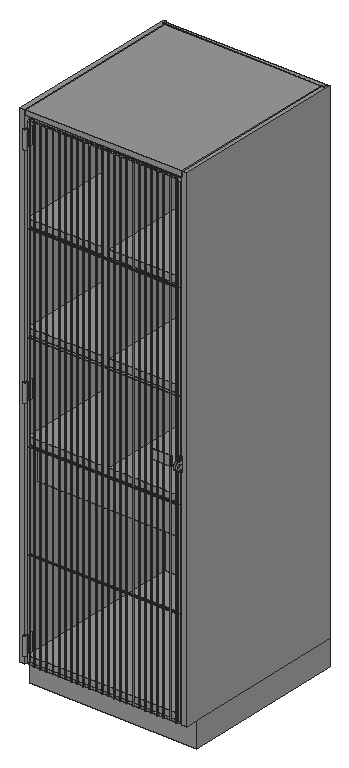
Revit family "TMI_M3016-Music_Wire Grille Doors1", category Casework, Revit 2016
Family settings
  OmniClass Number = 23.40.35.14.11
  OmniClass Title = Modular Casework
  Work Plane-Based = No
  Always vertical = Yes
  Cut with Voids When Loaded = No
  Shared = No
  Room Calculation Point = No
Parameters (values of type "27" x 84-1/2" x 29"")
  URL = "www.tmisystems.com"
  Toe Kick Height = 4"
  Toe Kick Depth = 2"
  Shelf Thickness = 1 1/8"
  Model = "M3016/M5016"
  Manufacturer = "TMI Systems Corporation"
  Interior Finish = none
  Individual Wire Grille Doors [instance] = not(Full Height Wire Grille Door)  # no
  Full Height Wire Grille Door [instance] = yes
  Filler Width (Hinge) [instance] = 3"
  Filler (Pull Side) [instance] = no
  Filler (Hinge Side) [instance] = no
  Filler Width (Pull) [instance] = 3"
  Description = "Alto Saxophone, Cornet, Trumpet *Top*, Alto Horn, French Horn, Share Drum *Bottom*"
  Depth = 29"
  Height = 84 1/2"
  Width = 27"
  Casework Thickness = 3/4"
  Casework Back Thickness = 1/2"
  Cabinet Finish = Plastic Laminate
  Assembly Code = ""
Reference planes (in)
  plane 1 "Back": y = 15
  plane 2: z = 0
  plane 3 "Center (Left/Right)": x = 0.7377
  plane 4 "Left": x = -12.7623
  plane 5 "Right": x = 14.2377
  plane 6 "Front": y = -14
  plane 7 "Top": z = 84.5
  plane 8: y = 14.375
  plane 9: x = -12.0123
  plane 10: x = 13.4877
  plane 11: z = 83.75
  plane 12: y = 14.875
  plane 13: y = -12
  plane 14: z = 4
  plane 15: z = 5.125
  plane 16: y = -13.61906
  plane 17: z = 68.625
  plane 18: z = 52.75
  plane 19: y = -11.25
  plane 20: y = -13.25
  plane 21: x = 0.3627
  plane 22: x = 1.1127
  plane 23: x = 0.7377
  plane 24: z = 36.875
  plane 25: z = 21
  plane 26: y = -13.49461
  plane 27: z = 83.25
  plane 28: x = 13.8627
  plane 29: x = -12.3873
  plane 30: z = 29.5
  plane 31: y = -13.60344
  plane 32: y = -11.625
  plane 33: y = -10.875
Forms (in)
  Extrusion 1, solid, material "Plastic Laminate" <- "Cabinet Finish"
    sketch origin (0, 0.21844, 0) x (1, 0, 0) y (0, 1, 0)
      loop
        line (-12.7623, 14.78156) -> (-12.7623, -14.21844) -> (-12.0123, -14.21844) -> (-12.0123, 14.15656) -> (-12.38677, 14.15656) -> (-12.38677, 14.78156) -> (-12.7623, 14.78156)
      loop
        line (13.86077, 14.78156) -> (13.86077, 14.15656) -> (13.4877, 14.15656) -> (13.4877, -14.21844) -> (14.2377, -14.21844) -> (14.2377, 14.78156) -> (13.86077, 14.78156)
    from 4 to 84.5
  Extrusion 2, solid, material "Plastic Laminate" <- "Cabinet Finish"
    sketch origin (0.84915, 11.94613, -1.44731) x (1, 0, 0) y (0, 0, 1)
      loop
        line (-12.86145, 6.57231) -> (-12.86145, 5.44731) -> (12.63855, 5.44731) -> (12.63855, 6.57231) -> (-12.86145, 6.57231)
    from -2.42887 to 25.54956
  Extrusion 3, solid, material "Plastic Laminate" <- "Cabinet Finish"
    sketch origin (0, 0, 0) x (1, 0, 0) y (0, 1, 0)
      loop
        line (-12.38677, 14.875) -> (-12.38677, 14.375) -> (13.86077, 14.375) -> (13.86077, 14.875) -> (-12.38677, 14.875)
    from 84.5 to 4
  Extrusion 4, solid, material "Plastic Laminate" <- "Cabinet Finish", visible <- "Filler (Pull Side)"
    sketch origin (0, -14, 0) x (1, 0, 0) y (0, 0, 1)
      loop
        line (14.2377, 84.5) -> (14.2377, 4) -> (17.2377, 4) -> (17.2377, 84.5) -> (14.2377, 84.5)
    from -0.75 to 0
  Extrusion 5, solid, material "Plastic Laminate" <- "Cabinet Finish", visible <- "Filler (Hinge Side)"
    sketch origin (0, -14, 0) x (1, 0, 0) y (0, 0, 1)
      loop
        line (-15.7623, 84.5) -> (-15.7623, 4) -> (-12.7623, 4) -> (-12.7623, 84.5) -> (-15.7623, 84.5)
    from -0.75 to 0
  Extrusion 6, solid, material "Wood"
    sketch origin (0, 0, 0) x (1, 0, 0) y (0, 0, 1)
      loop
        line (14.2377, 4) -> (-12.7623, 4) -> (-12.7623, 0) -> (14.2377, 0) -> (14.2377, 4)
    from -15 to 12
  Extrusion 7, solid, material "Wood", visible <- "Filler (Pull Side)"
    sketch origin (0, 0, 0) x (1, 0, 0) y (0, 0, 1)
      loop
        line (17.2377, 4) -> (14.2377, 4) -> (14.2377, 0) -> (17.2377, 0) -> (17.2377, 4)
    from 11.25 to 12
  Extrusion 8, solid, material "Wood", visible <- "Filler (Hinge Side)"
    sketch origin (0, 0, 0) x (1, 0, 0) y (0, 0, 1)
      loop
        line (-12.7623, 4) -> (-15.7623, 4) -> (-15.7623, 0) -> (-12.7623, 0) -> (-12.7623, 4)
    from 11.25 to 12
  Extrusion 9, solid, material "Plastic Laminate" <- "Cabinet Finish", visible <- "Full Height Wire Grille Door"
    sketch origin (-6, -14, 0) x (1, 0, 0) y (0, 0, 1)
      loop
        line (6.3627, 83.75) -> (6.3627, 35.75) -> (7.1127, 35.75) -> (7.1127, 83.75) -> (6.3627, 83.75)
    from -28.375 to -0.38094
  Extrusion 10, solid, material "Plastic Laminate" <- "Cabinet Finish"
    sketch origin (0, -14, 0) x (1, 0, 0) y (0, 0, 1)
      loop
        line (-12.0123, 68.625) -> (-12.0123, 67.5) -> (13.4877, 67.5) -> (13.4877, 68.625) -> (-12.0123, 68.625)
      loop
        line (-12.0123, 52.75) -> (-12.0123, 51.625) -> (13.4877, 51.625) -> (13.4877, 52.75) -> (-12.0123, 52.75)
      loop
        line (-12.0123, 36.875) -> (-12.0123, 35.75) -> (13.4877, 35.75) -> (13.4877, 36.875) -> (-12.0123, 36.875)
    from -28.375 to -0.50539
  Extrusion 11, solid, material "Plastic Laminate" <- "Cabinet Finish"
    sketch origin (0, 15, 0) x (1, 0, 0) y (0, 0, 1)
      loop
        line (-12.0123, 84.5) -> (-12.0123, 83.75) -> (13.4877, 83.75) -> (13.4877, 84.5) -> (-12.0123, 84.5)
    from 0.625 to 29
  Extrusion 12, solid, material "Plastic Laminate" <- "Cabinet Finish", visible <- "Individual Wire Grille Doors"
    sketch origin (34, -14, 0) x (1, 0, 0) y (0, 0, 1)
      loop
        line (-33.6373, 83.75) -> (-33.6373, 35.75) -> (-32.8873, 35.75) -> (-32.8873, 83.75) -> (-33.6373, 83.75)
    from -28.375 to 0
  Extrusion 13, solid, material "Plastic Laminate" <- "Cabinet Finish"
    sketch origin (0, 0, 0) x (1, 0, 0) y (0, 1, 0)
      loop
        line (13.4877, -10.875) -> (-12.0123, -10.875) -> (-12.0123, -11.625) -> (13.4877, -11.625) -> (13.4877, -10.875)
    from 29.5 to 35.75
Lines and regions (in)
  Masking region 1
    outline origin (44.5, 0, 0) x (1, 0, 0) y (0, 1, 0)
      loop
        line (-57.2623, 15) -> (-57.2623, -14) -> (-30.2623, -14) -> (-30.2623, 15) -> (-57.2623, 15)
  Masking region 2, visible <- "Filler (Hinge Side)"
    outline origin (0, 0, 0) x (1, 0, 0) y (0, 1, 0)
      loop
        line (-15.7623, -13.25) -> (-15.7623, -14) -> (-12.7623, -14) -> (-12.7623, -13.25) -> (-15.7623, -13.25)
  Masking region 3, visible <- "Filler (Pull Side)"
    outline origin (0, 0, 0) x (1, 0, 0) y (0, 1, 0)
      loop
        line (14.2377, -13.25) -> (14.2377, -14) -> (17.2377, -14) -> (17.2377, -13.25) -> (14.2377, -13.25)
  symbolic lines, style "CaseworkHiddenLines"
    curve 1: line (-0.4498, -14, 0) -> (-0.5748, -14, 0)
    curve 2: line (4.1752, -14, 0) -> (4.0502, -14, 0)
    curve 3: line (6.3002, -14, 0) -> (6.4252, -14, 0)
Dimensions and locks (in)
  "Width": plane 4 "Left" to plane 5 "Right"
  equal spacing: plane 4 "Left", plane 3 "Center (Left/Right)", plane 5 "Right"
  "Casework Thickness": plane 4 "Left" to plane 9
  "Casework Thickness": plane 10 to plane 5 "Right"
  "Casework Thickness": plane 7 "Top" to plane 11
  "Filler Width (Pull)": plane 5 "Right" to Extrusion 4
  "Filler Width (Hinge)": Extrusion 5 to plane 4 "Left"
  "Depth": plane 6 "Front" to plane 1 "Back"
  locked: plane 12 to plane 1 "Back" at 0.125
  "Toe Kick Depth": plane 13 to plane 6 "Front"
  "Toe Kick Height": plane 14 to level
  "Height": plane 7 "Top" to level
  locked: plane 6 "Front" to plane 16 at 0.38094
  locked: plane 6 "Front" to plane 20 at 0.75
  locked: plane 19 to plane 13 at 0.75
  equal spacing: plane 22, plane 23, plane 21
  "Casework Thickness": plane 22 to plane 21
  plane 16 to plane 26 = 0.12445"
  locked: plane 11 to plane 27 at 0.5
  "Shelf Thickness": plane 15 to plane 14
  equal spacing: plane 7 "Top", plane 17, plane 18, plane 24, plane 25, plane 15
  equal spacing: plane 29, plane 23, plane 28
  equal spacing: plane 4 "Left", plane 29, plane 9
  equal spacing: plane 10, plane 28, plane 5 "Right"
  "Casework Back Thickness": plane 12 to plane 8
  "Shelf Thickness": plane 17 to Extrusion 10
  "Shelf Thickness": plane 18 to Extrusion 10
  "Shelf Thickness": plane 24 to Extrusion 10
  Extrusion 13 sketch curve to plane 26 = 2.61961"
  locked: Extrusion 13 to plane 30 at 6.25
  locked: plane 16 to plane 31 at 0.01562
  locked: plane 6 "Front" to plane 32 at 2.375
  locked: plane 32 to plane 33 at 0.75
  aligned and locked: plane 2 to level
  aligned and locked: Extrusion 1 sketch curve to plane 4 "Left"
  aligned and locked: Extrusion 1 sketch curve to plane 9
  aligned and locked: Extrusion 1 sketch curve to plane 10
  aligned and locked: Extrusion 1 sketch curve to plane 5 "Right"
  aligned and locked: Extrusion 1 to plane 1 "Back"  (x2)
  aligned and locked: plane 8 to Extrusion 3 sketch curve
  aligned and locked: Extrusion 1 to plane 7 "Top"
  aligned and locked: plane 7 "Top" to Extrusion 4 sketch curve
  aligned and locked: Extrusion 4 sketch curve to plane 5 "Right"
  aligned and locked: plane 7 "Top" to Extrusion 5 sketch curve
  aligned and locked: Extrusion 7 to Extrusion 6
  aligned and locked: Extrusion 8 to Extrusion 6
  aligned and locked: plane 14 to Extrusion 8
  aligned and locked: plane 14 to Extrusion 6
  aligned and locked: plane 14 to Extrusion 7
  aligned and locked: Extrusion 4 to plane 14
  aligned and locked: Extrusion 5 to plane 14
  aligned and locked: Extrusion 1 to plane 14
  aligned and locked: Extrusion 2 to plane 14
  aligned and locked: plane 15 to Extrusion 2
  aligned and locked: Extrusion 6 to Extrusion 1
  aligned and locked: plane 1 "Back" to Masking region 1 sketch curve
  aligned and locked: Extrusion 8 to plane 13
  aligned and locked: plane 11 to Extrusion 9 sketch curve
  aligned and locked: plane 9 to Extrusion 10 sketch curve  (x3)
  aligned and locked: plane 10 to Extrusion 10 sketch curve
  aligned and locked: Extrusion 10 sketch curve to plane 10  (x2)
  aligned and locked: plane 8 to Extrusion 10
  aligned and locked: plane 4 "Left" to Masking region 2 sketch curve
  aligned and locked: Masking region 3 sketch curve to plane 5 "Right"
  aligned and locked: Extrusion 10 to plane 17  (x2)
  aligned and locked: plane 18 to Extrusion 10  (x2)
  aligned and locked: plane 6 "Front" to Extrusion 1  (x2)
  aligned and locked: plane 6 "Front" to Extrusion 4
  aligned and locked: plane 6 "Front" to Extrusion 5
  aligned and locked: Extrusion 7 to plane 19
  aligned and locked: Extrusion 4 to plane 20
  aligned and locked: Extrusion 5 to plane 20
  aligned and locked: plane 19 to Extrusion 8
  aligned and locked: Extrusion 8 to Extrusion 5
  aligned and locked: Masking region 2 to Extrusion 5
  aligned and locked: Masking region 2 to plane 20
  aligned and locked: Extrusion 4 to Extrusion 7
  aligned and locked: Masking region 3 to Extrusion 4
  aligned and locked: Masking region 3 to plane 20
  aligned and locked: Extrusion 10 to plane 24
  aligned and locked: Extrusion 2 to plane 9
  aligned and locked: Extrusion 10 to plane 26
  aligned and locked: Extrusion 2 to plane 10
  aligned and locked: Extrusion 11 sketch curve to plane 11
  aligned and locked: plane 9 to Extrusion 11 sketch curve
  aligned and locked: Extrusion 11 sketch curve to plane 10
  aligned and locked: plane 6 "Front" to Extrusion 11
  aligned and locked: plane 9 to Extrusion 1
  aligned and locked: plane 6 "Front" to Masking region 1
  aligned and locked: Extrusion 11 to plane 7 "Top"
  aligned and locked: plane 8 to Extrusion 11
  aligned and locked: Extrusion 3 to Extrusion 1  (x2)
  aligned and locked: plane 8 to Extrusion 2
  aligned and locked: Extrusion 3 to plane 14
  aligned and locked: plane 27 to nested 1
  aligned and locked: nested 1 to plane 6 "Front"
  aligned and locked: plane 9 to nested 1
  aligned and locked: Extrusion 3 to plane 7 "Top"
  aligned and locked: plane 6 "Front" to Extrusion 12
  aligned and locked: Extrusion 12 to plane 21
  aligned and locked: plane 8 to Extrusion 12
  aligned and locked: Extrusion 12 to plane 22
  aligned and locked: Extrusion 13 sketch curve to plane 9
  aligned and locked: Extrusion 13 sketch curve to plane 10
  aligned and locked: nested 2 to plane 6 "Front"
  aligned and locked: nested 2 to plane 14
  aligned and locked: plane 9 to nested 2
  aligned and locked: nested 3 to plane 6 "Front"
  aligned and locked: nested 5 to plane 6 "Front"
  aligned and locked: nested 8 to plane 6 "Front"
  aligned and locked: nested 7 to plane 6 "Front"
  aligned and locked: nested 4 to plane 6 "Front"
  aligned and locked: nested 6 to plane 6 "Front"
  aligned and locked: plane 8 to Extrusion 9
  aligned and locked: plane 27 to nested 7
  aligned and locked: plane 27 to nested 8
  aligned and locked: plane 9 to nested 3
  aligned and locked: plane 9 to nested 4
  aligned and locked: plane 9 to nested 7
  aligned and locked: nested 5 to plane 22
  aligned and locked: Extrusion 10 to nested 4
  aligned and locked: Extrusion 10 to nested 6
  aligned and locked: nested 6 to plane 22
  aligned and locked: nested 8 to plane 22
  aligned and locked: plane 31 to Extrusion 2
  aligned and locked: plane 33 to Extrusion 13
  aligned and locked: plane 32 to Extrusion 13
Automatic sketch dimensions
  curve 1 to level = 0"
  curve 2 to level = 0"
  curve 3 to level = 0"
  curve 1 to plane 21 = 15/16"
  curve 1 to curve 1 = 1/8"
  curve 2 to curve 2 = 1/8"
  curve 3 to curve 3 = 1/8"
  plane 1 "Back" to Extrusion 1 sketch curve = 0"  (x2)
  Extrusion 1 sketch curve to plane 8 = 0"  (x2)
  plane 6 "Front" to Extrusion 1 sketch curve = 0"  (x2)
  Extrusion 1 sketch curve to plane 29 = 0.00052"
  plane 28 to Extrusion 1 sketch curve = 0.00194"
  Extrusion 2 sketch curve to plane 9 = 0"
  plane 10 to Extrusion 2 sketch curve = 0"
  Extrusion 2 sketch curve to plane 14 = 0"
  Extrusion 2 sketch curve to plane 15 = 0"
  Extrusion 3 sketch curve to plane 12 = 0"
  Extrusion 3 sketch curve to plane 29 = 0.00052"
  plane 28 to Extrusion 3 sketch curve = 0.00194"
  Extrusion 4 sketch curve to plane 14 = 0"
  Extrusion 4 sketch curve to plane 5 "Right" = 3"
  Extrusion 5 sketch curve to plane 14 = 0"
  plane 4 "Left" to Extrusion 5 sketch curve = 0"
  Extrusion 5 sketch curve to Extrusion 5 sketch curve = 3"
  plane 4 "Left" to Extrusion 6 sketch curve = 0"
  Extrusion 6 sketch curve to level = 0"
  plane 5 "Right" to Extrusion 6 sketch curve = 0"
  Extrusion 6 sketch curve to plane 14 = 0"
  plane 5 "Right" to Extrusion 7 sketch curve = 0"
  Extrusion 7 sketch curve to level = 0"
  Extrusion 7 sketch curve to plane 14 = 0"
  Extrusion 7 sketch curve to plane 5 "Right" = 3"
  Extrusion 8 sketch curve to plane 14 = 0"
  Extrusion 8 sketch curve to level = 0"
  plane 4 "Left" to Extrusion 8 sketch curve = 0"
  Extrusion 8 sketch curve to Extrusion 8 sketch curve = 3"
  Masking region 1 sketch curve to plane 4 "Left" = 0"
  Masking region 1 sketch curve to plane 5 "Right" = 0"
  plane 6 "Front" to Masking region 1 sketch curve = 0"
  Extrusion 9 sketch curve to plane 21 = 0"
  plane 22 to Extrusion 9 sketch curve = 0"
  Extrusion 10 sketch curve to plane 24 = 0"
  Extrusion 10 sketch curve to plane 18 = 0"
  Extrusion 10 sketch curve to plane 17 = 0"
  plane 6 "Front" to Masking region 2 sketch curve = 0"
  plane 20 to Masking region 2 sketch curve = 0"
  plane 4 "Left" to Masking region 2 sketch curve = 3"
  plane 6 "Front" to Masking region 3 sketch curve = 0"
  plane 20 to Masking region 3 sketch curve = 0"
  Masking region 3 sketch curve to Masking region 3 sketch curve = 3"
  Extrusion 11 sketch curve to plane 7 "Top" = 0"
  plane 15 to Extrusion 12 sketch curve = 30 5/8"
  Extrusion 12 sketch curve to plane 11 = 0"
  plane 5 "Right" to Extrusion 12 sketch curve = 13 7/8"
  Extrusion 12 sketch curve to Extrusion 12 sketch curve = 3/4"
  Extrusion 10 sketch curve to Extrusion 10 sketch curve = 1 1/8"
  Extrusion 10 sketch curve to plane 18 = 1 1/8"
  plane 17 to Extrusion 10 sketch curve = 1 1/8"
  plane 3 "Center (Left/Right)" to curve 2 = 3 5/16"
  curve 2 to curve 3 = 2 1/8"
  plane 15 to Extrusion 9 sketch curve = 30 5/8"
  plane 26 to Extrusion 13 sketch curve = 1.86961"
Nested families (in)
  nested 1: "Full Height Wire Grille Door 27in Wide" at (0.73685, -13.76369, 4), visible <- "Full Height Wire Grille Door", type "Full Height Wire Grille Door 27in Wide"
    with Number of Verticle Bars 24, Bar Spacing 1"
  nested 2: "Individual Wire Grille Door 27in Wide (at bottom)" at (0.73685, -13.76369, 4), visible <- "Individual Wire Grille Doors", type "Individual Wire Grille Door 27in Wide (at bottom)"
    with Number of Verticle Bars 24, Bar Spacing 1"
  nested 3: "Individual Wire Grille Doors 27in Wide x2" at (-5.82565, -13.76369, 35.75), visible <- "Individual Wire Grille Doors", type "Individual Wire Grille Doors 27in Wide x2"
    with Number of Verticle Bars 11, Bar Spacing 1"
  nested 4: "Individual Wire Grille Doors 27in Wide x2" at (-5.82565, -13.76369, 51.625), visible <- "Individual Wire Grille Doors", type "Individual Wire Grille Doors 27in Wide x2"
    with Number of Verticle Bars 11, Bar Spacing 1"
  nested 5: "Individual Wire Grille Doors 27in Wide x2" at (7.29935, -13.76369, 35.75), visible <- "Individual Wire Grille Doors", type "Individual Wire Grille Doors 27in Wide x2"
    with Number of Verticle Bars 11, Bar Spacing 1"
  nested 6: "Individual Wire Grille Doors 27in Wide x2" at (7.29935, -13.76369, 51.625), visible <- "Individual Wire Grille Doors", type "Individual Wire Grille Doors 27in Wide x2"
    with Number of Verticle Bars 11, Bar Spacing 1"
  nested 7: "Individual Wire Grille Doors 27in Wide x2" at (-5.82565, -13.76369, 67.625), visible <- "Individual Wire Grille Doors", type "Individual Wire Grille Doors 27in Wide x2"
    with Number of Verticle Bars 11, Bar Spacing 1"
  nested 8: "Individual Wire Grille Doors 27in Wide x2" at (7.29935, -13.76369, 67.625), visible <- "Individual Wire Grille Doors", type "Individual Wire Grille Doors 27in Wide x2"
    with Number of Verticle Bars 11, Bar Spacing 1"
Definition of nested family "Full Height Wire Grille Door 27in Wide"
  Parameters (values of type "Full Height Wire Grille Door 27in Wide")
    Width = 24 1/2"
    Pull height from Bottom of Casework = 37 13/16"
    Number of Verticle Bars [instance] = (Width / Bar Spacing) - 1  # 24
    Height = 79 1/4"
    Distance of Hinge from Edge of Casework = 2 13/16"
    Bar Spacing [instance] = 1"
  Reference planes (in)
    plane 1 "Center (Front/Back)": y = 0
    plane 2: z = 0
    plane 3 "Center (Left/Right)": x = 0
    plane 4: x = -12.37415
    plane 5: x = -12.12585
    plane 6: z = 79.25
    plane 7: z = 79
    plane 8: z = 79.125
    plane 9: x = -12.25
    plane 10: x = 12.38138
    plane 11: x = 12.11862
    plane 12: x = 12.25
    plane 13: z = 0.25
    plane 14: z = 0.125
    plane 15: y = -0.125
    plane 16: z = 39.625
    plane 17: z = 47.525
    plane 18: z = 63.325
    plane 19: z = 31.725
    plane 20: z = 15.925
    plane 21: y = -0.17188
    plane 22: x = -11.25
    plane 23: y = 0.28516
    plane 24: x = 12.75638
    plane 25: y = -0.23631
    plane 26: z = 37.8125
    plane 27: z = 2.8125
    plane 28: z = 76.4375
    plane 29: z = 38.9375
    plane 30: z = 37.8125
  Forms (in)
    Sweep 1, solid
      path origin (0, 0, 0) x (1, 0, 0) y (0, 0, 1)
        loop
          arc (-12, 79.125) -> (-12.17678, 79.05178) -> (-12.25, 78.875) r 0.25
          line (-12.25, 78.875) -> (-12.25, 0.375)
          arc (-12.25, 0.375) -> (-12.17678, 0.19822) -> (-12, 0.125) r 0.25
          line (-12, 0.125) -> (12, 0.125)
          arc (12, 0.125) -> (12.17678, 0.19822) -> (12.25, 0.375) r 0.25
          line (12.25, 0.375) -> (12.25, 78.875)
          arc (12.25, 78.875) -> (12.17678, 79.05178) -> (12, 79.125) r 0.25
          line (12, 79.125) -> (-12, 79.125)
      profile "4 Circle : 4 Circle" origin (0, 0, 79.125) x (0, 0, 1) y (0, -1, 0)
        loop
          circle (0, 0) r 0.125
    Extrusion 2, solid
      sketch origin (0, 0, 0) x (0, 1, 0) y (0, 0, 1)
        loop
          circle (0, 63.325) r 0.125
        loop
          circle (0, 47.525) r 0.125
        loop
          circle (0, 15.925) r 0.125
        loop
          circle (0, 31.725) r 0.125
      from -12.25 to 12.25
    Extrusion 3, solid
      sketch origin (-0.62456, 0, 0) x (1, 0, 0) y (0, 1, 0)
        loop
          circle (-10.62544, -0.17188) r 0.0625
      from 0 to 79.25
    Extrusion 4, solid
      sketch origin (0.37544, 0, 0) x (1, 0, 0) y (0, 1, 0)
        loop
          circle (-10.62544, -0.17188) r 0.0625
      from 0 to 79.25
    Extrusion 5, solid
      sketch origin (1.37544, 0, 0) x (1, 0, 0) y (0, 1, 0)
        loop
          circle (-10.62544, -0.17188) r 0.0625
      from 0 to 79.25
    Extrusion 6, solid
      sketch origin (2.37544, 0, 0) x (1, 0, 0) y (0, 1, 0)
        loop
          circle (-10.62544, -0.17188) r 0.0625
      from 0 to 79.25
    Extrusion 7, solid
      sketch origin (3.37544, 0, 0) x (1, 0, 0) y (0, 1, 0)
        loop
          circle (-10.62544, -0.17188) r 0.0625
      from 0 to 79.25
    Extrusion 8, solid
      sketch origin (4.37544, 0, 0) x (1, 0, 0) y (0, 1, 0)
        loop
          circle (-10.62544, -0.17188) r 0.0625
      from 0 to 79.25
    Extrusion 9, solid
      sketch origin (5.37544, 0, 0) x (1, 0, 0) y (0, 1, 0)
        loop
          circle (-10.62544, -0.17188) r 0.0625
      from 0 to 79.25
    Extrusion 10, solid
      sketch origin (6.37544, 0, 0) x (1, 0, 0) y (0, 1, 0)
        loop
          circle (-10.62544, -0.17188) r 0.0625
      from 0 to 79.25
    Extrusion 11, solid
      sketch origin (7.37544, 0, 0) x (1, 0, 0) y (0, 1, 0)
        loop
          circle (-10.62544, -0.17188) r 0.0625
      from 0 to 79.25
    Extrusion 12, solid
      sketch origin (8.37544, 0, 0) x (1, 0, 0) y (0, 1, 0)
        loop
          circle (-10.62544, -0.17188) r 0.0625
      from 0 to 79.25
    Extrusion 13, solid
      sketch origin (9.37544, 0, 0) x (1, 0, 0) y (0, 1, 0)
        loop
          circle (-10.62544, -0.17188) r 0.0625
      from 0 to 79.25
    Extrusion 14, solid
      sketch origin (10.37544, 0, 0) x (1, 0, 0) y (0, 1, 0)
        loop
          circle (-10.62544, -0.17188) r 0.0625
      from 0 to 79.25
    Extrusion 15, solid
      sketch origin (11.37544, 0, 0) x (1, 0, 0) y (0, 1, 0)
        loop
          circle (-10.62544, -0.17188) r 0.0625
      from 0 to 79.25
    Extrusion 16, solid
      sketch origin (12.37544, 0, 0) x (1, 0, 0) y (0, 1, 0)
        loop
          circle (-10.62544, -0.17188) r 0.0625
      from 0 to 79.25
    Extrusion 17, solid
      sketch origin (13.37544, 0, 0) x (1, 0, 0) y (0, 1, 0)
        loop
          circle (-10.62544, -0.17188) r 0.0625
      from 0 to 79.25
    Extrusion 18, solid
      sketch origin (14.37544, 0, 0) x (1, 0, 0) y (0, 1, 0)
        loop
          circle (-10.62544, -0.17188) r 0.0625
      from 0 to 79.25
    Extrusion 19, solid
      sketch origin (15.37544, 0, 0) x (1, 0, 0) y (0, 1, 0)
        loop
          circle (-10.62544, -0.17188) r 0.0625
      from 0 to 79.25
    Extrusion 20, solid
      sketch origin (16.37544, 0, 0) x (1, 0, 0) y (0, 1, 0)
        loop
          circle (-10.62544, -0.17188) r 0.0625
      from 0 to 79.25
    Extrusion 21, solid
      sketch origin (17.37544, 0, 0) x (1, 0, 0) y (0, 1, 0)
        loop
          circle (-10.62544, -0.17188) r 0.0625
      from 0 to 79.25
    Extrusion 22, solid
      sketch origin (18.37544, 0, 0) x (1, 0, 0) y (0, 1, 0)
        loop
          circle (-10.62544, -0.17188) r 0.0625
      from 0 to 79.25
    Extrusion 23, solid
      sketch origin (19.37544, 0, 0) x (1, 0, 0) y (0, 1, 0)
        loop
          circle (-10.62544, -0.17188) r 0.0625
      from 0 to 79.25
    Extrusion 24, solid
      sketch origin (20.37544, 0, 0) x (1, 0, 0) y (0, 1, 0)
        loop
          circle (-10.62544, -0.17188) r 0.0625
      from 0 to 79.25
    Extrusion 25, solid
      sketch origin (21.37544, 0, 0) x (1, 0, 0) y (0, 1, 0)
        loop
          circle (-10.62544, -0.17188) r 0.0625
      from 0 to 79.25
    Extrusion 26, solid
      sketch origin (22.37544, 0, 0) x (1, 0, 0) y (0, 1, 0)
        loop
          circle (-10.62544, -0.17188) r 0.0625
      from 0 to 79.25
    Extrusion 27, solid
      sketch origin (0, 0, 0) x (1, 0, 0) y (0, 0, 1)
        loop
          line (7.94388, 38.5625) -> (7.94388, 37.0625) -> (11.13138, 37.0625) -> (11.13138, 38.5625) -> (7.94388, 38.5625)
      from 0.23631 to 0.33984
  Lines and regions (in)
    model lines
      curve 1: line (12.27951, 0, 79.125) -> (-12.25002, 0, 39.625)
      curve 2: line (-12.25002, 0, 39.625) -> (12.25, 0, 0.125)
  Dimensions and locks (in)
    locked: plane 6 to plane 7 at 0.25
    equal spacing: plane 6, plane 8, plane 7
    equal spacing: plane 4, plane 9, plane 5
    locked: plane 4 to plane 5 at 0.24829
    equal spacing: plane 10, plane 12, plane 11
    plane 10 to plane 11 = 0.26276"
    equal spacing: plane 13, plane 14, plane 2
    locked: plane 13 to plane 2 at 0.25
    equal spacing: plane 12, plane 3 "Center (Left/Right)", plane 9
    locked: plane 15 to plane 1 "Center (Front/Back)" at 0.125
    "Width": plane 12 to plane 9
    "Height": plane 6 to plane 2
    plane 8 to plane 14 = 79"
    equal spacing: plane 8, plane 18, plane 17, plane 19, plane 20, plane 14
    "Bar Spacing": plane 9 to plane 22
    locked: plane 15 to plane 21 at 0.04688
    plane 1 "Center (Front/Back)" to plane 23 = 73/256"
    locked: plane 10 to plane 24 at 0.375
    locked: plane 21 to plane 25 at 0.06444
    "Pull height from Bottom of Casework": plane 26 to plane 2
    "Distance of Hinge from Edge of Casework": plane 6 to plane 28
    "Distance of Hinge from Edge of Casework": plane 27 to plane 2
    equal spacing: plane 6, plane 16, level
    locked: plane 29 to plane 26 at 1.125
    equal spacing: group 1, group 2, group 3, group 4, group 5, group 6, group 7, group 8, group 9, group 10, group 11, group 12, group 13, group 14, group 15, group 16, group 17, group 18, group 19, group 20, group 21, group 22, group 23, group 24  (x3)
    locked: Extrusion 27 sketch curve to Extrusion 27 sketch curve at 1.5
    locked: Extrusion 27 sketch curve to Extrusion 27 sketch curve at 3.1875
    equal spacing: Extrusion 27 sketch curve, plane 30, Extrusion 27 sketch curve
    locked: nested 1 to Extrusion 27 sketch curve at 1.25
    aligned and locked: plane 2 to level
    aligned and locked: Sweep 1 sketch curve to plane 12
    aligned and locked: Sweep 1 sketch curve to plane 8
    aligned and locked: plane 9 to Sweep 1 sketch curve
    aligned and locked: plane 14 to Sweep 1 sketch curve
    aligned and locked: Extrusion 2 to plane 12
    aligned and locked: Extrusion 2 to plane 9
    aligned and locked: Extrusion 3 to plane 2
    aligned and locked: nested 1 to plane 10
    aligned and locked: nested 1 to plane 23
    aligned and locked: plane 24 to nested 2
    aligned and locked: nested 2 to plane 23
    aligned and locked: plane 10 to nested 1
    aligned and locked: nested 3 to plane 4
    aligned and locked: plane 25 to nested 3
    aligned and locked: nested 3 to plane 28
    aligned and locked: nested 4 to plane 4
    aligned and locked: plane 25 to nested 4
    aligned and locked: nested 4 to plane 27
    aligned and locked: nested 5 to plane 4
    aligned and locked: nested 5 to plane 16
    aligned and locked: plane 25 to nested 5
    aligned and locked: plane 6 to Extrusion 3
    aligned and locked: nested 2 to plane 29
    aligned and locked: nested 1 to plane 29
    aligned and locked: plane 30 to plane 26
    aligned and locked: plane 25 to Extrusion 27
    aligned and locked: nested 1 to Extrusion 27
  Automatic sketch dimensions
    plane 5 to Sweep 1 sketch curve = 0.12585"
    Sweep 1 sketch curve to Sweep 1 sketch curve = 1/4"  (x2)
    plane 11 to Sweep 1 sketch curve = 0.11862"
    Extrusion 2 sketch curve to plane 1 "Center (Front/Back)" = 0"  (x4)
    Extrusion 2 sketch curve to plane 20 = 0"
    Extrusion 2 sketch curve to plane 19 = 0"
    Extrusion 2 sketch curve to plane 17 = 0"
    Extrusion 2 sketch curve to plane 18 = 0"
    curve 2 to plane 16 = 0"
    plane 12 to curve 2 = 0"
    curve 1 to plane 8 = 0"
    curve 2 to plane 14 = 0"
    curve 2 to plane 9 = 0"
    curve 1 to plane 12 = 0.02951"
    radius of Extrusion 3 sketch curve = 1/16"
    radius of Extrusion 2 sketch curve = 1/8"  (x4)
    radius of Extrusion 4 sketch curve = 1/16"
    radius of Extrusion 5 sketch curve = 1/16"
    radius of Extrusion 6 sketch curve = 1/16"
    radius of Extrusion 7 sketch curve = 1/16"
    radius of Extrusion 8 sketch curve = 1/16"
    radius of Extrusion 9 sketch curve = 1/16"
    radius of Extrusion 10 sketch curve = 1/16"
    radius of Extrusion 11 sketch curve = 1/16"
    radius of Extrusion 12 sketch curve = 1/16"
    radius of Extrusion 13 sketch curve = 1/16"
    radius of Extrusion 14 sketch curve = 1/16"
    radius of Extrusion 15 sketch curve = 1/16"
    radius of Extrusion 16 sketch curve = 1/16"
    radius of Extrusion 17 sketch curve = 1/16"
    radius of Extrusion 18 sketch curve = 1/16"
    radius of Extrusion 19 sketch curve = 1/16"
    radius of Extrusion 20 sketch curve = 1/16"
    radius of Extrusion 21 sketch curve = 1/16"
    radius of Extrusion 22 sketch curve = 1/16"
    radius of Extrusion 23 sketch curve = 1/16"
    radius of Extrusion 24 sketch curve = 1/16"
    radius of Extrusion 25 sketch curve = 1/16"
    radius of Extrusion 26 sketch curve = 1/16"
  Nested families (in)
    nested 1: "Pad Lock" at (12.38138, -0.33984, 37.8125), type "Pad Lock"
    nested 2: "Pad Lock" at (12.69388, -0.33984, 37.8125), type "Pad Lock"
    nested 3: "5k hinge (music)" at (-12.5929, 0.76369, 75.03125) x (-1, 0, 0) z (0, 0, 1), type "5k hinge (music)"
      with Width 16"
    nested 4: "5k hinge (music)" at (-12.5929, 0.76369, 1.40625) x (-1, 0, 0) z (0, 0, 1), type "5k hinge (music)"
      with Width 16"
    nested 5: "5k hinge (music)" at (-12.5929, 0.76369, 38.21875) x (-1, 0, 0) z (0, 0, 1), type "5k hinge (music)"
      with Width 16"
  Definition of nested family "Pad Lock"
    Reference planes (in)
      plane 1 "Center (Front/Back)": y = 0
      plane 2: z = 0
      plane 3 "Center (Left/Right)": x = 0
      plane 4: z = 1.125
      plane 5: z = -1.125
      plane 6: y = -1.125
      plane 7: y = 0.625
      plane 8: y = -0.5625
      plane 9: x = 0.0625
    Forms (in)
      Extrusion 1, solid
        sketch origin (0, 0.00036, 0.01611) x (0, 0, 1) y (0, -1, 0)
          loop
            line (0.98389, 0) -> (0.56967, 0) -> (0.56967, 0.56286)
            arc (0.56967, 0.56286) -> (0, 1.13253) -> (-0.56967, 0.56286) r 0.56967
            line (-0.56967, 0.56286) -> (-0.56967, 0) -> (-1.01611, 0)
            arc (-1.01611, 0) -> (-1.1045, -0.03661) -> (-1.14111, -0.125) r 0.125
            line (-1.14111, -0.125) -> (-1.14111, -0.62464) -> (1.10889, -0.62464) -> (1.10889, -0.125)
            arc (1.10889, -0.125) -> (1.07227, -0.03661) -> (0.98389, 0) r 0.125
          loop
            circle (0, 0.56286) r 0.375
        from 0 to 0.0625
    Dimensions and locks (in)
      locked: plane 4 to plane 5 at 2.25
      locked: plane 6 to plane 7 at 1.75
      locked: plane 9 to plane 3 "Center (Left/Right)" at 0.0625
      equal spacing: plane 1 "Center (Front/Back)", plane 8, plane 6
      locked: plane 7 to plane 1 "Center (Front/Back)" at 0.625
      equal spacing: plane 5, plane 2, plane 4
      aligned and locked: plane 2 to level
      aligned and locked: plane 9 to Extrusion 1
    Automatic sketch dimensions
      Extrusion 1 sketch curve to Extrusion 1 sketch curve = 0"  (x2)
      Extrusion 1 sketch curve to plane 5 = 0"
      Extrusion 1 sketch curve to plane 8 = 0"
      plane 4 to Extrusion 1 sketch curve = 0"
      Extrusion 1 sketch curve to plane 7 = 0"
      Extrusion 1 sketch curve to plane 1 "Center (Front/Back)" = 0.00036"
      plane 5 to Extrusion 1 sketch curve = 1/8"
      Extrusion 1 sketch curve to level = 0.55355"
      level to Extrusion 1 sketch curve = 0.01611"
      Extrusion 1 sketch curve to Extrusion 1 sketch curve = 1/8"
      Extrusion 1 sketch curve to plane 1 "Center (Front/Back)" = 0.12536"
      radius of Extrusion 1 sketch curve = 3/8"
  Definition of nested family "5k hinge (music)"
    Parameters (values of type "5k hinge (music)")
      door thickness = 1"
      Width [instance] = 16"
      Hinge Distance from Door = 9/16"
      5K hinge size = 2 13/16"
    Reference planes (in)
      plane 1 "Center (Front/Back)": y = 0
      plane 2: z = 0
      plane 3 "Center (Left/Right)": x = 0
      plane 4: x = -0.15625
      plane 5: y = -1
      plane 6: y = -0.5
      plane 7: y = -1.5625
      plane 8: y = -1.28125
      plane 9: x = 0.15625
      plane 10: z = 2.8125
      plane 11: z = 1.40625
      plane 12: x = -0.21875
    Forms (in)
      Extrusion 1, solid
        sketch origin (-8.15625, 0, 0) x (1, 0, 0) y (0, 1, 0)
          loop
            line (8.15625, -1) -> (8.15625, -1.04949)
            arc (8.15625, -1.04949) -> (7.85521, -1.421) -> (8.3125, -1.28125) r 0.25
            line (8.3125, -1.28125) -> (8.3125, 0) -> (8.15625, 0) -> (7.9375, 0) -> (7.9375, -1) -> (8.15625, -1)
        from 0 to 2.8125
    Dimensions and locks (in)
      equal spacing: plane 1 "Center (Front/Back)", plane 6, plane 5
      "Hinge Distance from Door": plane 5 to plane 7
      equal spacing: plane 5, plane 8, plane 7
      "5K hinge size": plane 10 to plane 2
      "door thickness": plane 1 "Center (Front/Back)" to plane 5
      equal spacing: plane 10, plane 11, plane 2
      equal spacing: plane 4, plane 3 "Center (Left/Right)", plane 9
      plane 4 to plane 9 = 5/16"
      plane 12 to plane 4 = 1/16"
      aligned and locked: plane 2 to level
      aligned and locked: plane 5 to Extrusion 1 sketch curve
      aligned and locked: Extrusion 1 to plane 10
      aligned and locked: plane 9 to Extrusion 1
      aligned and locked: Extrusion 1 to plane 2
      aligned and locked: plane 12 to Extrusion 1 sketch curve
    Automatic sketch dimensions
      Extrusion 1 sketch curve to plane 8 = 0"
      plane 1 "Center (Front/Back)" to Extrusion 1 sketch curve = 0"
      Extrusion 1 sketch curve to plane 9 = 0"
      plane 4 to Extrusion 1 sketch curve = 1/16"
      Extrusion 1 sketch curve to plane 3 "Center (Left/Right)" = 0"  (x2)
Definition of nested family "Individual Wire Grille Door 27in Wide (at bottom)"
  Parameters (values of type "Individual Wire Grille Door 27in Wide (at bottom)")
    Width = 24 1/2"
    Pull height from Bottom of Casework = 33 13/16"
    Number of Verticle Bars [instance] = (Width / Bar Spacing) - 1  # 24
    Height = 26 1/32"
    Distance of Hinge from Edge of Casework = 2 13/16"
    Bar Spacing [instance] = 1"
  Reference planes (in)
    plane 1 "Center (Front/Back)": y = 0
    plane 2: z = 0
    plane 3 "Center (Left/Right)": x = 0
    plane 4: x = -12.37415
    plane 5: x = -12.12585
    plane 6: z = 26.03125
    plane 7: z = 25.78125
    plane 8: z = 25.90625
    plane 9: x = -12.25
    plane 10: x = 12.38138
    plane 11: x = 12.11862
    plane 12: x = 12.25
    plane 13: z = 0.25
    plane 14: z = 0.125
    plane 15: y = -0.125
    plane 16: z = 13.01562
    plane 17: y = -0.17188
    plane 18: y = 0.28516
    plane 19: x = 12.75638
    plane 20: y = -0.23631
    plane 21: z = 2.8125
    plane 22: z = 23.21875
    plane 23: z = 14.14166
    plane 24: x = -11.25
    plane 25: z = 13.01562
  Forms (in)
    Sweep 1, solid
      path origin (0, 0, 0) x (1, 0, 0) y (0, 0, 1)
        loop
          arc (-12, 25.90625) -> (-12.17678, 25.83303) -> (-12.25, 25.65625) r 0.25
          line (-12.25, 25.65625) -> (-12.25, 0.375)
          arc (-12.25, 0.375) -> (-12.17678, 0.19822) -> (-12, 0.125) r 0.25
          line (-12, 0.125) -> (12, 0.125)
          arc (12, 0.125) -> (12.17678, 0.19822) -> (12.25, 0.375) r 0.25
          line (12.25, 0.375) -> (12.25, 25.65625)
          arc (12.25, 25.65625) -> (12.17678, 25.83303) -> (12, 25.90625) r 0.25
          line (12, 25.90625) -> (-12, 25.90625)
      profile "4 Circle : 4 Circle" origin (0, 0, 25.90625) x (0, 0, 1) y (0, -1, 0)
        loop
          circle (0, 0) r 0.125
    Extrusion 2, solid
      sketch origin (0, 0, 0) x (0, 1, 0) y (0, 0, 1)
        loop
          circle (0, 13.01562) r 0.125
      from -12.25 to 12.25
    Extrusion 3, solid
      sketch origin (0, 0, 0) x (1, 0, 0) y (0, 1, 0)
        loop
          circle (-11.25, -0.17188) r 0.06444
      from 0 to 26.03125
    Extrusion 4, solid
      sketch origin (1, 0, 0) x (1, 0, 0) y (0, 1, 0)
        loop
          circle (-11.25, -0.17188) r 0.06444
      from 0 to 26.03125
    Extrusion 5, solid
      sketch origin (2, 0, 0) x (1, 0, 0) y (0, 1, 0)
        loop
          circle (-11.25, -0.17188) r 0.06444
      from 0 to 26.03125
    Extrusion 6, solid
      sketch origin (3, 0, 0) x (1, 0, 0) y (0, 1, 0)
        loop
          circle (-11.25, -0.17188) r 0.06444
      from 0 to 26.03125
    Extrusion 7, solid
      sketch origin (4, 0, 0) x (1, 0, 0) y (0, 1, 0)
        loop
          circle (-11.25, -0.17188) r 0.06444
      from 0 to 26.03125
    Extrusion 8, solid
      sketch origin (5, 0, 0) x (1, 0, 0) y (0, 1, 0)
        loop
          circle (-11.25, -0.17188) r 0.06444
      from 0 to 26.03125
    Extrusion 9, solid
      sketch origin (6, 0, 0) x (1, 0, 0) y (0, 1, 0)
        loop
          circle (-11.25, -0.17188) r 0.06444
      from 0 to 26.03125
    Extrusion 10, solid
      sketch origin (7, 0, 0) x (1, 0, 0) y (0, 1, 0)
        loop
          circle (-11.25, -0.17188) r 0.06444
      from 0 to 26.03125
    Extrusion 11, solid
      sketch origin (8, 0, 0) x (1, 0, 0) y (0, 1, 0)
        loop
          circle (-11.25, -0.17188) r 0.06444
      from 0 to 26.03125
    Extrusion 12, solid
      sketch origin (9, 0, 0) x (1, 0, 0) y (0, 1, 0)
        loop
          circle (-11.25, -0.17188) r 0.06444
      from 0 to 26.03125
    Extrusion 13, solid
      sketch origin (10, 0, 0) x (1, 0, 0) y (0, 1, 0)
        loop
          circle (-11.25, -0.17188) r 0.06444
      from 0 to 26.03125
    Extrusion 14, solid
      sketch origin (11, 0, 0) x (1, 0, 0) y (0, 1, 0)
        loop
          circle (-11.25, -0.17188) r 0.06444
      from 0 to 26.03125
    Extrusion 15, solid
      sketch origin (12, 0, 0) x (1, 0, 0) y (0, 1, 0)
        loop
          circle (-11.25, -0.17188) r 0.06444
      from 0 to 26.03125
    Extrusion 16, solid
      sketch origin (13, 0, 0) x (1, 0, 0) y (0, 1, 0)
        loop
          circle (-11.25, -0.17188) r 0.06444
      from 0 to 26.03125
    Extrusion 17, solid
      sketch origin (14, 0, 0) x (1, 0, 0) y (0, 1, 0)
        loop
          circle (-11.25, -0.17188) r 0.06444
      from 0 to 26.03125
    Extrusion 18, solid
      sketch origin (15, 0, 0) x (1, 0, 0) y (0, 1, 0)
        loop
          circle (-11.25, -0.17188) r 0.06444
      from 0 to 26.03125
    Extrusion 19, solid
      sketch origin (16, 0, 0) x (1, 0, 0) y (0, 1, 0)
        loop
          circle (-11.25, -0.17188) r 0.06444
      from 0 to 26.03125
    Extrusion 20, solid
      sketch origin (17, 0, 0) x (1, 0, 0) y (0, 1, 0)
        loop
          circle (-11.25, -0.17188) r 0.06444
      from 0 to 26.03125
    Extrusion 21, solid
      sketch origin (18, 0, 0) x (1, 0, 0) y (0, 1, 0)
        loop
          circle (-11.25, -0.17188) r 0.06444
      from 0 to 26.03125
    Extrusion 22, solid
      sketch origin (19, 0, 0) x (1, 0, 0) y (0, 1, 0)
        loop
          circle (-11.25, -0.17188) r 0.06444
      from 0 to 26.03125
    Extrusion 23, solid
      sketch origin (20, 0, 0) x (1, 0, 0) y (0, 1, 0)
        loop
          circle (-11.25, -0.17188) r 0.06444
      from 0 to 26.03125
    Extrusion 24, solid
      sketch origin (21, 0, 0) x (1, 0, 0) y (0, 1, 0)
        loop
          circle (-11.25, -0.17188) r 0.06444
      from 0 to 26.03125
    Extrusion 25, solid
      sketch origin (22, 0, 0) x (1, 0, 0) y (0, 1, 0)
        loop
          circle (-11.25, -0.17188) r 0.06444
      from 0 to 26.03125
    Extrusion 26, solid
      sketch origin (23, 0, 0) x (1, 0, 0) y (0, 1, 0)
        loop
          circle (-11.25, -0.17188) r 0.06444
      from 0 to 26.03125
    Extrusion 27, solid
      sketch origin (0, 0, 0) x (1, 0, 0) y (0, 0, 1)
        loop
          line (7.94388, 13.76465) -> (7.94388, 12.2666) -> (11.13138, 12.2666) -> (11.13138, 13.76465) -> (7.94388, 13.76465)
      from 0.23631 to 0.33984
  Lines and regions (in)
    model lines
      curve 1: line (12.25, 0, 25.90625) -> (-12.25, 0, 13.01562)
      curve 2: line (-12.25, 0, 13.01562) -> (12.25, 0, 0.125)
  Dimensions and locks (in)
    equal spacing: plane 4, plane 9, plane 5
    locked: plane 4 to plane 5 at 0.24829
    equal spacing: plane 10, plane 12, plane 11
    plane 10 to plane 11 = 0.26276"
    equal spacing: plane 13, plane 14, plane 2
    locked: plane 13 to plane 2 at 0.25
    equal spacing: plane 12, plane 3 "Center (Left/Right)", plane 9
    locked: plane 15 to plane 1 "Center (Front/Back)" at 0.125
    "Width": plane 12 to plane 9
    plane 8 to plane 14 = 25 25/32"
    locked: plane 15 to plane 17 at 0.04688
    plane 1 "Center (Front/Back)" to plane 18 = 73/256"
    locked: plane 10 to plane 19 at 0.375
    locked: plane 17 to plane 20 at 0.06444
    "Distance of Hinge from Edge of Casework": plane 21 to plane 2
    locked: plane 23 to plane 16 at 1.12603
    "Height": plane 6 to plane 2
    locked: plane 6 to plane 7 at 0.25
    plane 8 to plane 7 = 1/8"
    equal spacing: plane 6, plane 16, plane 2
    locked: plane 9 to plane 24 at 1
    equal spacing: group 1, group 2, group 3, group 4, group 5, group 6, group 7, group 8, group 9, group 10, group 11, group 12, group 13, group 14, group 15, group 16, group 17, group 18, group 19, group 20, group 21, group 22, group 23, group 24  (x3)
    "Distance of Hinge from Edge of Casework": plane 6 to plane 22
    equal spacing: Extrusion 27 sketch curve, plane 25, Extrusion 27 sketch curve
    locked: Extrusion 27 sketch curve to Extrusion 27 sketch curve at 1.49805
    locked: Extrusion 27 sketch curve to Extrusion 27 sketch curve at 3.1875
    locked: Extrusion 27 sketch curve to nested 1 at 1.25
    aligned and locked: plane 12 to Sweep 1 sketch curve
    aligned and locked: plane 9 to Sweep 1 sketch curve
    aligned and locked: plane 14 to Sweep 1 sketch curve
    aligned and locked: nested 1 to plane 10
    aligned and locked: nested 1 to plane 18
    aligned and locked: nested 2 to plane 18
    aligned and locked: plane 10 to nested 1
    aligned and locked: nested 3 to plane 4
    aligned and locked: plane 20 to nested 3
    aligned and locked: nested 3 to plane 22
    aligned and locked: nested 4 to plane 4
    aligned and locked: plane 20 to nested 4
    aligned and locked: nested 4 to plane 21
    aligned and locked: Extrusion 2 to plane 9
    aligned and locked: Extrusion 2 to plane 12
    aligned and locked: plane 19 to nested 2
    aligned and locked: nested 2 to plane 23
    aligned and locked: nested 1 to plane 23
    aligned and locked: plane 2 to level
    aligned and locked: Extrusion 3 to plane 2
    aligned and locked: Sweep 1 sketch curve to plane 8
    aligned and locked: plane 6 to Extrusion 3
    aligned and locked: plane 16 to plane 25
    aligned and locked: plane 20 to Extrusion 27
    aligned and locked: nested 1 to Extrusion 27
  Automatic sketch dimensions
    Extrusion 2 sketch curve to plane 1 "Center (Front/Back)" = 0"
    Extrusion 2 sketch curve to plane 16 = 0"
    curve 2 to plane 9 = 0"
    plane 12 to curve 2 = 0"
    curve 1 to plane 8 = 0"
    curve 1 to plane 12 = 0"
    curve 2 to plane 14 = 0"
    curve 1 to plane 16 = 0"
    plane 5 to Sweep 1 sketch curve = 0.12585"  (x2)
    plane 11 to Sweep 1 sketch curve = 0.11862"  (x2)
    radius of Extrusion 2 sketch curve = 1/8"
    radius of Extrusion 3 sketch curve = 0.06444"
    radius of Extrusion 4 sketch curve = 0.06444"
    radius of Extrusion 5 sketch curve = 0.06444"
    radius of Extrusion 6 sketch curve = 0.06444"
    radius of Extrusion 7 sketch curve = 0.06444"
    radius of Extrusion 8 sketch curve = 0.06444"
    radius of Extrusion 9 sketch curve = 0.06444"
    radius of Extrusion 10 sketch curve = 0.06444"
    radius of Extrusion 11 sketch curve = 0.06444"
    radius of Extrusion 12 sketch curve = 0.06444"
    radius of Extrusion 13 sketch curve = 0.06444"
    radius of Extrusion 14 sketch curve = 0.06444"
    radius of Extrusion 15 sketch curve = 0.06444"
    radius of Extrusion 16 sketch curve = 0.06444"
    radius of Extrusion 17 sketch curve = 0.06444"
    radius of Extrusion 18 sketch curve = 0.06444"
    radius of Extrusion 19 sketch curve = 0.06444"
    radius of Extrusion 20 sketch curve = 0.06444"
    radius of Extrusion 21 sketch curve = 0.06444"
    radius of Extrusion 22 sketch curve = 0.06444"
    radius of Extrusion 23 sketch curve = 0.06444"
    radius of Extrusion 24 sketch curve = 0.06444"
    radius of Extrusion 25 sketch curve = 0.06444"
    radius of Extrusion 26 sketch curve = 0.06444"
  Nested families (in)
    nested 1: "Pad Lock" at (12.38138, -0.33984, 13.01666), type "Pad Lock"
    nested 2: "Pad Lock" at (12.69388, -0.33984, 13.01666), type "Pad Lock"
    nested 3: "5k hinge (music)" at (-12.5929, 0.76369, 21.8125) x (-1, 0, 0) z (0, 0, 1), type "5k hinge (music)"
      with Width 16"
    nested 4: "5k hinge (music)" at (-12.5929, 0.76369, 1.40625) x (-1, 0, 0) z (0, 0, 1), type "5k hinge (music)"
      with Width 16"
  Definition of nested family "Pad Lock"
    Reference planes (in)
      plane 1 "Center (Front/Back)": y = 0
      plane 2: z = 0
      plane 3 "Center (Left/Right)": x = 0
      plane 4: z = 1.125
      plane 5: z = -1.125
      plane 6: y = -1.125
      plane 7: y = 0.625
      plane 8: y = -0.5625
      plane 9: x = 0.0625
    Forms (in)
      Extrusion 1, solid
        sketch origin (0, 0.00036, 0.01611) x (0, 0, 1) y (0, -1, 0)
          loop
            line (0.98389, 0) -> (0.56967, 0) -> (0.56967, 0.56286)
            arc (0.56967, 0.56286) -> (0, 1.13253) -> (-0.56967, 0.56286) r 0.56967
            line (-0.56967, 0.56286) -> (-0.56967, 0) -> (-1.01611, 0)
            arc (-1.01611, 0) -> (-1.1045, -0.03661) -> (-1.14111, -0.125) r 0.125
            line (-1.14111, -0.125) -> (-1.14111, -0.62464) -> (1.10889, -0.62464) -> (1.10889, -0.125)
            arc (1.10889, -0.125) -> (1.07227, -0.03661) -> (0.98389, 0) r 0.125
          loop
            circle (0, 0.56286) r 0.375
        from 0 to 0.0625
    Dimensions and locks (in)
      locked: plane 4 to plane 5 at 2.25
      locked: plane 6 to plane 7 at 1.75
      locked: plane 9 to plane 3 "Center (Left/Right)" at 0.0625
      equal spacing: plane 1 "Center (Front/Back)", plane 8, plane 6
      locked: plane 7 to plane 1 "Center (Front/Back)" at 0.625
      equal spacing: plane 5, plane 2, plane 4
      aligned and locked: plane 2 to level
      aligned and locked: plane 9 to Extrusion 1
    Automatic sketch dimensions
      Extrusion 1 sketch curve to Extrusion 1 sketch curve = 0"  (x2)
      Extrusion 1 sketch curve to plane 5 = 0"
      Extrusion 1 sketch curve to plane 8 = 0"
      plane 4 to Extrusion 1 sketch curve = 0"
      Extrusion 1 sketch curve to plane 7 = 0"
      Extrusion 1 sketch curve to plane 1 "Center (Front/Back)" = 0.00036"
      plane 5 to Extrusion 1 sketch curve = 1/8"
      Extrusion 1 sketch curve to level = 0.55355"
      level to Extrusion 1 sketch curve = 0.01611"
      Extrusion 1 sketch curve to Extrusion 1 sketch curve = 1/8"
      Extrusion 1 sketch curve to plane 1 "Center (Front/Back)" = 0.12536"
      radius of Extrusion 1 sketch curve = 3/8"
  Definition of nested family "5k hinge (music)"
    Parameters (values of type "5k hinge (music)")
      door thickness = 1"
      Width [instance] = 16"
      Hinge Distance from Door = 9/16"
      5K hinge size = 2 13/16"
    Reference planes (in)
      plane 1 "Center (Front/Back)": y = 0
      plane 2: z = 0
      plane 3 "Center (Left/Right)": x = 0
      plane 4: x = -0.15625
      plane 5: y = -1
      plane 6: y = -0.5
      plane 7: y = -1.5625
      plane 8: y = -1.28125
      plane 9: x = 0.15625
      plane 10: z = 2.8125
      plane 11: z = 1.40625
      plane 12: x = -0.21875
    Forms (in)
      Extrusion 1, solid
        sketch origin (-8.15625, 0, 0) x (1, 0, 0) y (0, 1, 0)
          loop
            line (8.15625, -1) -> (8.15625, -1.04949)
            arc (8.15625, -1.04949) -> (7.85521, -1.421) -> (8.3125, -1.28125) r 0.25
            line (8.3125, -1.28125) -> (8.3125, 0) -> (8.15625, 0) -> (7.9375, 0) -> (7.9375, -1) -> (8.15625, -1)
        from 0 to 2.8125
    Dimensions and locks (in)
      equal spacing: plane 1 "Center (Front/Back)", plane 6, plane 5
      "Hinge Distance from Door": plane 5 to plane 7
      equal spacing: plane 5, plane 8, plane 7
      "5K hinge size": plane 10 to plane 2
      "door thickness": plane 1 "Center (Front/Back)" to plane 5
      equal spacing: plane 10, plane 11, plane 2
      equal spacing: plane 4, plane 3 "Center (Left/Right)", plane 9
      plane 4 to plane 9 = 5/16"
      plane 12 to plane 4 = 1/16"
      aligned and locked: plane 2 to level
      aligned and locked: plane 5 to Extrusion 1 sketch curve
      aligned and locked: Extrusion 1 to plane 10
      aligned and locked: plane 9 to Extrusion 1
      aligned and locked: Extrusion 1 to plane 2
      aligned and locked: plane 12 to Extrusion 1 sketch curve
    Automatic sketch dimensions
      Extrusion 1 sketch curve to plane 8 = 0"
      plane 1 "Center (Front/Back)" to Extrusion 1 sketch curve = 0"
      Extrusion 1 sketch curve to plane 9 = 0"
      plane 4 to Extrusion 1 sketch curve = 1/16"
      Extrusion 1 sketch curve to plane 3 "Center (Left/Right)" = 0"  (x2)
Definition of nested family "Individual Wire Grille Doors 27in Wide x2"
  Parameters (values of type "Individual Wire Grille Doors 27in Wide x2")
    Width = 11 3/8"
    Pull height from Bottom of Casework = 33 13/16"
    Number of Verticle Bars [instance] = (Width / Bar Spacing)  # 11
    Height = 15 5/8"
    Distance of Hinge from Edge of Casework = 2 13/16"
    Bar Spacing [instance] = 1"
  Reference planes (in)
    plane 1 "Center (Front/Back)": y = 0
    plane 2: z = 0
    plane 3 "Center (Left/Right)": x = 0
    plane 4: x = -5.81165
    plane 5: x = -5.56335
    plane 6: z = 15.625
    plane 7: z = 15.375
    plane 8: z = 15.5
    plane 9: x = -5.6875
    plane 10: x = 5.81888
    plane 11: x = 5.55612
    plane 12: x = 5.6875
    plane 13: z = 0.25
    plane 14: z = 0.125
    plane 15: y = -0.125
    plane 16: z = 7.8125
    plane 17: y = -0.17188
    plane 18: x = -4.6875
    plane 19: y = 0.28516
    plane 20: x = 6.19388
    plane 21: y = -0.23631
    plane 22: z = 2.8125
    plane 23: z = 12.8125
    plane 24: z = 8.93853
    plane 25: x = -4.6875
    plane 26: y = -0.17188
    plane 27: x = -3.6875
    plane 28: y = -0.17188
    plane 29: x = -2.6875
    plane 30: y = -0.17188
    plane 31: x = -1.6875
    plane 32: y = -0.17188
    plane 33: x = -0.6875
    plane 34: y = -0.17188
    plane 35: x = 0.3125
    plane 36: y = -0.17188
    plane 37: x = 1.3125
    plane 38: y = -0.17188
    plane 39: x = 2.3125
    plane 40: y = -0.17188
    plane 41: x = 3.3125
    plane 42: y = -0.17188
    plane 43: x = 4.3125
    plane 44: y = -0.17188
    plane 45: x = 5.3125
    plane 46: y = -0.17188
    plane 47: z = 7.8125
  Forms (in)
    Sweep 1, solid
      path origin (0, 0, 0) x (1, 0, 0) y (0, 0, 1)
        loop
          arc (-5.4375, 15.5) -> (-5.61428, 15.42678) -> (-5.6875, 15.25) r 0.25
          line (-5.6875, 15.25) -> (-5.6875, 0.375)
          arc (-5.6875, 0.375) -> (-5.61428, 0.19822) -> (-5.4375, 0.125) r 0.25
          line (-5.4375, 0.125) -> (5.4375, 0.125)
          arc (5.4375, 0.125) -> (5.61428, 0.19822) -> (5.6875, 0.375) r 0.25
          line (5.6875, 0.375) -> (5.6875, 15.25)
          arc (5.6875, 15.25) -> (5.61428, 15.42678) -> (5.4375, 15.5) r 0.25
          line (5.4375, 15.5) -> (-5.4375, 15.5)
      profile "4 Circle : 4 Circle" origin (0, 0, 15.5) x (0, 0, 1) y (0, -1, 0)
        loop
          circle (0, 0) r 0.125
    Extrusion 2, solid
      sketch origin (0, 0, 0) x (0, 1, 0) y (0, 0, 1)
        loop
          circle (0, 7.8125) r 0.125
      from -5.6875 to 5.6875
    Extrusion 3, solid
      sketch origin (0, 0, -0.01317) x (1, 0, 0) y (0, 1, 0)
        loop
          circle (-4.6875, -0.17188) r 0.0625
      from 0.01317 to 15.63817
    Extrusion 4, solid
      sketch origin (1, 0, -0.01317) x (1, 0, 0) y (0, 1, 0)
        loop
          circle (-4.6875, -0.17188) r 0.0625
      from 0.01317 to 15.63817
    Extrusion 5, solid
      sketch origin (2, 0, -0.01317) x (1, 0, 0) y (0, 1, 0)
        loop
          circle (-4.6875, -0.17188) r 0.0625
      from 0.01317 to 15.63817
    Extrusion 6, solid
      sketch origin (3, 0, -0.01317) x (1, 0, 0) y (0, 1, 0)
        loop
          circle (-4.6875, -0.17188) r 0.0625
      from 0.01317 to 15.63817
    Extrusion 7, solid
      sketch origin (4, 0, -0.01317) x (1, 0, 0) y (0, 1, 0)
        loop
          circle (-4.6875, -0.17188) r 0.0625
      from 0.01317 to 15.63817
    Extrusion 8, solid
      sketch origin (5, 0, -0.01317) x (1, 0, 0) y (0, 1, 0)
        loop
          circle (-4.6875, -0.17188) r 0.0625
      from 0.01317 to 15.63817
    Extrusion 9, solid
      sketch origin (6, 0, -0.01317) x (1, 0, 0) y (0, 1, 0)
        loop
          circle (-4.6875, -0.17188) r 0.0625
      from 0.01317 to 15.63817
    Extrusion 10, solid
      sketch origin (7, 0, -0.01317) x (1, 0, 0) y (0, 1, 0)
        loop
          circle (-4.6875, -0.17188) r 0.0625
      from 0.01317 to 15.63817
    Extrusion 11, solid
      sketch origin (8, 0, -0.01317) x (1, 0, 0) y (0, 1, 0)
        loop
          circle (-4.6875, -0.17188) r 0.0625
      from 0.01317 to 15.63817
    Extrusion 12, solid
      sketch origin (9, 0, -0.01317) x (1, 0, 0) y (0, 1, 0)
        loop
          circle (-4.6875, -0.17188) r 0.0625
      from 0.01317 to 15.63817
    Extrusion 13, solid
      sketch origin (10, 0, -0.01317) x (1, 0, 0) y (0, 1, 0)
        loop
          circle (-4.6875, -0.17188) r 0.0625
      from 0.01317 to 15.63817
    Extrusion 14, solid
      sketch origin (0, 0, 0) x (1, 0, 0) y (0, 0, 1)
        loop
          line (1.38138, 8.5625) -> (1.38138, 7.0625) -> (4.56888, 7.0625) -> (4.56888, 8.5625) -> (1.38138, 8.5625)
      from 0.23631 to 0.33984
  Lines and regions (in)
    model lines
      curve 1: line (5.6875, 0, 15.5) -> (-5.6875, 0, 7.8125)
      curve 2: line (-5.6875, 0, 7.8125) -> (5.6875, 0, 0.125)
  Dimensions and locks (in)
    locked: plane 6 to plane 7 at 0.25
    equal spacing: plane 4, plane 9, plane 5
    locked: plane 4 to plane 5 at 0.24829
    equal spacing: plane 10, plane 12, plane 11
    plane 10 to plane 11 = 0.26276"
    equal spacing: plane 13, plane 14, plane 2
    locked: plane 13 to plane 2 at 0.25
    equal spacing: plane 12, plane 3 "Center (Left/Right)", plane 9
    locked: plane 15 to plane 1 "Center (Front/Back)" at 0.125
    "Width": plane 12 to plane 9
    "Height": plane 6 to level
    plane 8 to plane 14 = 15 3/8"
    "Bar Spacing": plane 9 to plane 18
    locked: plane 15 to plane 17 at 0.04688
    plane 1 "Center (Front/Back)" to plane 19 = 73/256"
    locked: plane 10 to plane 20 at 0.375
    locked: plane 17 to plane 21 at 0.06444
    "Distance of Hinge from Edge of Casework": plane 6 to plane 23
    "Distance of Hinge from Edge of Casework": plane 22 to plane 2
    locked: plane 24 to plane 16 at 1.12603
    equal spacing: plane 6, plane 8, plane 7
    equal spacing: plane 6, plane 16, level
    equal spacing: group 1, group 2, group 3, group 4, group 5, group 6, group 7, group 8, group 9, group 10, group 11  (x3)
    locked: Extrusion 14 sketch curve to Extrusion 14 sketch curve at 3.1875
    locked: Extrusion 14 sketch curve to nested 1 at 1.25
    equal spacing: Extrusion 14 sketch curve, plane 47, Extrusion 14 sketch curve
    locked: Extrusion 14 sketch curve to Extrusion 14 sketch curve at 1.5
    aligned and locked: plane 12 to Sweep 1 sketch curve
    aligned and locked: plane 9 to Sweep 1 sketch curve
    aligned and locked: nested 1 to plane 10
    aligned and locked: plane 19 to nested 1
    aligned and locked: plane 19 to nested 2
    aligned and locked: plane 10 to nested 1
    aligned and locked: nested 3 to plane 4
    aligned and locked: nested 3 to plane 21
    aligned and locked: nested 3 to plane 23
    aligned and locked: nested 4 to plane 4
    aligned and locked: nested 4 to plane 21
    aligned and locked: nested 4 to plane 22
    aligned and locked: Extrusion 2 to plane 9
    aligned and locked: Extrusion 2 to plane 12
    aligned and locked: plane 20 to nested 2
    aligned and locked: nested 2 to plane 24
    aligned and locked: nested 1 to plane 24
    aligned and locked: plane 17 to Extrusion 3
    aligned and locked: Extrusion 3 to plane 2
    aligned and locked: plane 6 to Extrusion 3
    aligned and locked: Extrusion 3 to level
    aligned and locked: plane 14 to Sweep 1 sketch curve
    aligned and locked: Sweep 1 sketch curve to plane 8
    aligned and locked: plane 16 to plane 47
    aligned and locked: plane 21 to Extrusion 14
    aligned and locked: nested 1 to Extrusion 14
  Automatic sketch dimensions
    Extrusion 2 sketch curve to plane 1 "Center (Front/Back)" = 0"
    Extrusion 2 sketch curve to plane 16 = 0"
    Extrusion 3 sketch curve to plane 25 = 0"
    Extrusion 3 sketch curve to plane 26 = 0"
    plane 5 to Sweep 1 sketch curve = 0.12585"  (x2)
    plane 11 to Sweep 1 sketch curve = 0.11862"  (x2)
    Extrusion 4 sketch curve to plane 27 = 0"
    Extrusion 4 sketch curve to plane 28 = 0"
    Extrusion 5 sketch curve to plane 29 = 0"
    Extrusion 5 sketch curve to plane 30 = 0"
    Extrusion 6 sketch curve to plane 31 = 0"
    Extrusion 6 sketch curve to plane 32 = 0"
    Extrusion 7 sketch curve to plane 33 = 0"
    Extrusion 7 sketch curve to plane 34 = 0"
    Extrusion 8 sketch curve to plane 35 = 0"
    Extrusion 8 sketch curve to plane 36 = 0"
    Extrusion 9 sketch curve to plane 37 = 0"
    Extrusion 9 sketch curve to plane 38 = 0"
    Extrusion 10 sketch curve to plane 39 = 0"
    Extrusion 10 sketch curve to plane 40 = 0"
